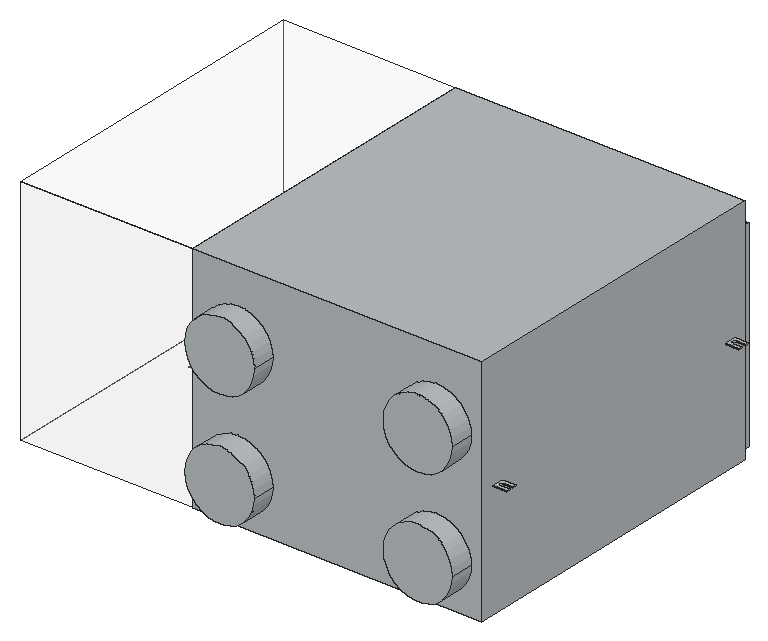
Revit family "lgh-n150_200rx3d_50Hz", category 機械設備, Revit 2019
Family settings
  丸型コネクタ寸法 = 直径を使用
  パーツ タイプ = 標準
  OmniClass 番号 = 23.75.10.34.21
  OmniClass タイトル = Heat Exchangers for Ventilation Air
  作業面ベース = いいえ
  常に垂直 = はい
  ロード時にボイドで切り取り = いいえ
  共有 = いいえ
  部屋計算ポイント = はい
Parameters (values of type "LGH-N150RX3D")
  騒音レベル(dB(A)) = 55
  風量 = 1500.0 m³/h
  面風速 = 8.5 m/s
  電源種別 [instance] = "一般"
  電圧 = 200 V
  電動機出力 = 0 W
  集中コントローラ = ""
  運転質量 = 0.00 kg
  連動 [instance] = ""
  質量 = if(製品質量 > 運転質量, 製品質量, 運転質量) * 1.2  # 144.00 kg
  負荷分類 = 10_ファンコイル類
  説明 = "業務用ロスナイ 天井埋込形"
  設計風量 = 0.0 m³/h
  設置方法 = "天井吊(隠ぺい)形"
  記号 [instance] = ""
  製造元 = "MITSIBISHI ELECTRIC"
  製品質量 = 120.00 kg
  製品出荷対象 = "国内"
  製品リリース年月 = "2019/6/1"
  製品グループ = ""
  系統 [instance] = ""
  符号 = "HEU"
  積算_科目 = "1 空気調和設備"
  積算_拾い区分 [instance] = ""
  相 = 1
  盤記号 [instance] = ""
  発停方法 [instance] = "別売リモコン"
  特殊仕様 [instance] = ""
  点検口高さ = -Height  # -808 mm
  点検口離隔 = 150 mm
  点検口_Depth = 450 mm
  点検口 = yes
  火災停止 [instance] = ""
  温度交換効率 = 74.00%
  消費電力 = 840 W
  法定耐用年数 = "15"
  機外静圧_排気 = 170.0 Pa
  機外静圧 = 170.0 Pa
  極数 = 3
  材質 [instance] = ""
  本体マテリアル = 溶融亜鉛めっき鋼板
  操作・制御方式 = ""
  操作・制御スイッチ = ""
  排気量 = 0.0 m³/h
  形式 = "天井埋込ダクト形"
  幹線記号 [instance] = ""
  対象室 [instance] = ""
  実風量 = 0.0 m³/h
  始動方式 [instance] = "直入"
  天吊金具_径 = 7.5 mm
  天吊金具_幅 = 30 mm
  外気量 = 設計風量  # 0.0 m³/h
  呼称 = "全熱交換ユニット"
  周波数 = 50 Hz
  天吊金具ピッチ2 = 1010 mm
  天吊金具ピッチ1 = 1045 mm
  天吊金具_高さ = 404 mm
  参照している仕様書等のバージョン = ""
  初期抵抗 = 0.0 Pa
  分類コード = "50052504100070"
  分類グループ = ""
  価格 = 900000
  企業コード = "108420"
  付属品_フィルター_還気 = ""
  付属品_フィルター = ""
  付属品 [instance] = ""
  仕様書バージョン = "Version1.0"
  モデル = "LGH-N150RX3D"
  メンテナンススペース = yes
  コメント [instance] = ""
  Keynote = ""
  エンタルピ交換効率_暖房 = 76.00%
  エンタルピ交換効率_冷房 = 66.00%
  Assembly Code = ""
  Width = 1004 mm
  Version = ""
  Uniclass2015Version = "Systems v1.9"
  Uniclass2015Title = "Thermal wheels"
  Uniclass2015Code = "Pr_60_60_36_88"
  URL = "https://www.mitsubishielectric.co.jp/ldg/wink/ssl/displayProduct.do?pid=300330"
  SpecificationReference = ""
  SpecificationDescription = ""
  SMAX風量 = 1500.0 m³/h
  SMAX静圧 = 170.0 Pa
  SAサイズ_D = 242 mm
  Revision = ""
  RAサイズ_D = 242 mm
  ProductInformation = ""
  OmniClassCode = "23-27 23 19 11"
  OAサイズ_W = 270 mm
  OAサイズ_D = 700 mm
  MIN風量 = 770.0 m³/h
  MIN静圧 = 41.0 Pa
  MID風量 = 1260.0 m³/h
  MID静圧 = 109.0 Pa
  MAX風量 = 1500.0 m³/h
  MAX静圧 = 155.0 Pa
  IfcTypeProduct = ""
  IfcProduct = ""
  IfcExportType = "ROTARYWHEEL"
  IfcExportAs = "IfcAirToAirHeatRecoveryType"
  Height = 808 mm
  EAサイズ_W = 270 mm
  EAサイズ_D = 700 mm
  Duct_Pitch = 690 mm
  Duct_Height = 242 mm
  Duct_Depth_SA_RA = 79 mm
  Duct_Depth_OA_EA = 44 mm
  Depth = 1144 mm
  Clearance Top = Height  # 808 mm
  Clearance Left = 600 mm
  Box_Width = 115 mm
  Box_Height = 262 mm
  Box_H = 125 mm
  Box_Depth = 172 mm
  Box_D = 144 mm
  Author = "MITSUBISHI ELECTRIC"
Types (2, lengths in mm): name | 騒音レベル(dB(A)) | 風量 | 面風速 | 質量 | 製品質量 | 温度交換効率 | 消費電力 | 機外静圧_排気 | 機外静圧 | 天吊金具ピッチ1 | 価格 | モデル | エンタルピ交換効率_暖房 | エンタルピ交換効率_冷房 | Width | URL | SMAX風量 | SMAX静圧 | MIN風量 | MIN静圧 | MID風量 | MID静圧 | MAX風量 | MAX静圧 | Duct_Pitch
  LGH-N150RX3D | 55 | 1500.0 m³/h | 8.5 m/s | 144.00 kg | 120.00 kg | 74.00% | 840 W | 170.0 Pa | 170.0 Pa | 1045 | 900000 | "LGH-N150RX3D" | 76.00% | 66.00% | 1004 | "https://www.mitsubishielectric.co.jp/ldg/wink/ssl/displayProduct.do?pid=300330" | 1500.0 m³/h | 170.0 Pa | 770.0 m³/h | 41.0 Pa | 1260.0 m³/h | 109.0 Pa | 1500.0 m³/h | 155.0 Pa | 690
  LGH-N200RX3D | 56 | 2000.0 m³/h | 11.3 m/s | 158.40 kg | 132.00 kg | 73.00% | 1060 W | 155.0 Pa | 155.0 Pa | 1272 | 1025000 | "LGH-N200RX3D" | 75.00% | 65.00% | 1231 | "https://www.mitsubishielectric.co.jp/ldg/wink/ssl/displayProduct.do?pid=300335" | 2000.0 m³/h | 155.0 Pa | 840.0 m³/h | 23.0 Pa | 1400.0 m³/h | 64.0 Pa | 2000.0 m³/h | 130.0 Pa | 917
Reference planes
  plane 1 "中心(正面/背面)": y = 0
  plane 2: z = 0
  plane 3 "中心(左/右)": x = 0
  plane 4: x = -502
  plane 5: x = 502
  plane 6: y = 572
  plane 7: y = -572
  plane 8: z = -808
  plane 9: z = -242
  plane 10: x = -345
  plane 11: x = 345
  plane 12: y = -651
  plane 13: y = 616
  plane 14: x = -581
  plane 15: x = 581
  plane 16: x = -1102
  plane 17: y = -428
  plane 18: y = -256
  plane 19: z = -125
  plane 20: z = -387
  plane 21: x = -617
  plane 22: x = -652
  plane 23: y = 225
  plane 24: x = -522.5
  plane 25: x = 522.5
  plane 26: y = 505
  plane 27: y = -505
  plane 28: y = -225
  plane 29: x = -552.5
  plane 30: y = 525
  plane 31: y = 485
  plane 32: y = -485
  plane 33: y = -525
  plane 34: z = -5
  plane 35: z = -404
  plane 36: z = -407
  plane 37: x = 552.5
  plane 38: z = -404
  plane 39: x = 480
  plane 40: x = 210
  plane 41: x = -480
  plane 42: x = -210
  plane 43: z = -94
  plane 44: z = -794
  plane 45: z = -94
  plane 46: z = -794
  plane 47: z = -646
  plane 48: z = -529
  plane 49: z = -791
  plane 50: z = -444
Forms (mm)
  Extrusion 1, solid, material "溶融亜鉛めっき鋼板" <- "本体マテリアル", detail levels fine
    sketch origin (0, 0, 0) x (1, 0, 0) y (0, 1, 0)
      loop
        line (-502, 572) -> (-502, -572) -> (502, -572) -> (502, 572) -> (-502, 572)
    from 0 to -808
  Extrusion 2, solid, material "溶融亜鉛めっき鋼板" <- "本体マテリアル", detail levels fine
    sketch origin (502, -572, 0) x (-1, 0, 0) y (0, 0, -1)
      loop
        circle (847, 242) r 121
    from 0 to 79
  Extrusion 3, solid, material "溶融亜鉛めっき鋼板" <- "本体マテリアル", detail levels fine
    sketch origin (510, -445, 0) x (-1, 0, 0) y (0, 0, -1)
      loop
        circle (165, 242) r 121
    from 127 to 206
  Extrusion 4, solid, material "溶融亜鉛めっき鋼板" <- "本体マテリアル", detail levels fine
    sketch origin (-502, -572, 0) x (0, 1, 0) y (0, 0, -1)
      loop
        line (316, 125) -> (316, 387) -> (144, 387) -> (144, 125) -> (316, 125)
      loop
        line (316, 529) -> (316, 791) -> (144, 791) -> (144, 529) -> (316, 529)
    from 0 to 115
  Extrusion 5, solid, material "溶融亜鉛めっき鋼板" <- "本体マテリアル", detail levels fine
    sketch origin (0, 0, 0) x (1, 0, 0) y (0, 1, 0)
      loop
        line (-552.5, 525) -> (-552.5, 512.5) -> (-522.5, 512.5)
        arc (-522.5, 512.5) -> (-515, 505) -> (-522.5, 497.5) r 7.5
        line (-522.5, 497.5) -> (-552.5, 497.5) -> (-552.5, 485) -> (-502, 485) -> (-502, 525) -> (-552.5, 525)
    from -404 to -407
  Extrusion 6, solid, material "溶融亜鉛めっき鋼板" <- "本体マテリアル", detail levels fine
    sketch origin (0, 0, 0) x (1, 0, 0) y (0, 1, 0)
      loop
        line (-552.5, -525) -> (-502, -525) -> (-502, -485) -> (-552.5, -485) -> (-552.5, -497.5) -> (-522.5, -497.5)
        arc (-522.5, -497.5) -> (-515, -505) -> (-522.5, -512.5) r 7.5
        line (-522.5, -512.5) -> (-552.5, -512.5) -> (-552.5, -525)
    from -404 to -407
  Extrusion 7, solid, material "溶融亜鉛めっき鋼板" <- "本体マテリアル", detail levels fine
    sketch origin (0, 0, 0) x (-1, 0, 0) y (0, -1, 0)
      loop
        line (-552.5, 525) -> (-552.5, 512.5) -> (-522.5, 512.5)
        arc (-522.5, 512.5) -> (-515, 505) -> (-522.5, 497.5) r 7.5
        line (-522.5, 497.5) -> (-552.5, 497.5) -> (-552.5, 485) -> (-502, 485) -> (-502, 525) -> (-552.5, 525)
    from -404 to -407
  Extrusion 8, solid, material "溶融亜鉛めっき鋼板" <- "本体マテリアル", detail levels fine
    sketch origin (0, 0, 0) x (-1, 0, 0) y (0, -1, 0)
      loop
        line (-552.5, -525) -> (-502, -525) -> (-502, -485) -> (-552.5, -485) -> (-552.5, -497.5) -> (-522.5, -497.5)
        arc (-522.5, -497.5) -> (-515, -505) -> (-522.5, -512.5) r 7.5
        line (-522.5, -512.5) -> (-552.5, -512.5) -> (-552.5, -525)
    from -404 to -407
  Extrusion 9, solid, material "溶融亜鉛めっき鋼板" <- "本体マテリアル", detail levels fine
    sketch origin (0, 0, 0) x (1, 0, 0) y (0, 0, 1)
      loop
        circle (-345, -646) r 121
    from 572 to 651
  Extrusion 10, solid, material "溶融亜鉛めっき鋼板" <- "本体マテリアル", detail levels fine
    sketch origin (0, 0, 0) x (1, 0, 0) y (0, 0, 1)
      loop
        circle (345, -646) r 121
    from 572 to 651
  Extrusion 11, solid, material "溶融亜鉛めっき鋼板" <- "本体マテリアル", detail levels fine
    sketch origin (0, 0, 0) x (1, 0, 0) y (0, 0, 1)
      loop
        line (480, -794) -> (480, -94) -> (210, -94) -> (210, -794) -> (480, -794)
    from -616 to -572
  Extrusion 12, solid, material "溶融亜鉛めっき鋼板" <- "本体マテリアル", detail levels fine
    sketch origin (0, 0, 0) x (1, 0, 0) y (0, 0, 1)
      loop
        line (-480, -794) -> (-210, -794) -> (-210, -94) -> (-480, -94) -> (-480, -794)
    from -616 to -572
Lines and regions (mm)
  Masking region 1, detail levels coarse+medium
    outline origin (1326.5, 29, 0) x (1, 0, 0) y (0, 1, 0)
      loop
        line (-1828.5, 543) -> (-1828.5, -601) -> (-824.5, -601) -> (-824.5, 543) -> (-1828.5, 543)
  symbolic lines, detail levels coarse+medium
    curve 1: line (0, 572, 0) -> (-502, 0, 0)
    curve 2: line (-502, 0, 0) -> (0, -572, 0)
    curve 3: line (0, -572, 0) -> (502, 0, 0)
    curve 4: line (502, 0, 0) -> (0, 572, 0)
Dimensions and locks
  equal spacing: plane 4, plane 3 "中心(左/右)", plane 5
  "Width": plane 4 to plane 5
  equal spacing: plane 6, plane 1 "中心(正面/背面)", plane 7
  "Depth": plane 6 to plane 7
  "Height": level to plane 8
  "Duct_Height": level to plane 9
  equal spacing: plane 11, plane 3 "中心(左/右)", plane 10
  "Duct_Pitch": plane 11 to plane 10
  "Duct_Depth_OA_EA": plane 13 to plane 6
  "Duct_Depth_SA_RA": plane 7 to plane 12
  "Duct_Depth_SA_RA": plane 5 to plane 15
  "Duct_Depth_SA_RA": plane 14 to plane 4
  "Clearance Left": plane 16 to plane 4
  "Clearance Top": nested 1 to plane 8
  "Box_H": level to plane 19
  "Box_Height": plane 19 to plane 20
  "Box_D": plane 17 to plane 7
  "Box_Depth": plane 18 to plane 17
  "Box_Width": plane 21 to plane 4
  "点検口離隔": plane 22 to plane 4
  equal spacing: plane 24, plane 3 "中心(左/右)", plane 25
  "天吊金具ピッチ1": plane 24 to plane 25
  equal spacing: plane 26, plane 1 "中心(正面/背面)", plane 27
  "天吊金具ピッチ2": plane 26 to plane 27
  equal spacing: plane 23, plane 1 "中心(正面/背面)", plane 28
  "点検口_Depth": plane 23 to plane 28
  equal spacing: plane 30, plane 26, plane 31
  locked: plane 30 to plane 31 at 40
  "天吊金具_幅": plane 29 to plane 24
  "天吊金具_高さ": level to plane 35
  locked: plane 35 to plane 36 at 3
  equal spacing: plane 32, plane 27, plane 33
  locked: plane 32 to plane 33 at 40
  "天吊金具_幅": plane 25 to plane 37
  equal spacing: plane 8, plane 38, level
  equal spacing: plane 40, plane 11, plane 39
  "EAサイズ_W": plane 40 to plane 39
  equal spacing: plane 42, plane 10, plane 41
  "OAサイズ_W": plane 42 to plane 41
  "EAサイズ_D": plane 44 to plane 43
  "OAサイズ_D": plane 46 to plane 45
  "Duct_Height": plane 38 to plane 47
  "Box_H": plane 38 to plane 48
  "Box_Height": plane 48 to plane 49
  locked: plane 50 to plane 38 at 40
  equal spacing: plane 44, plane 50, plane 43
  equal spacing: plane 46, plane 50, plane 45
  "RAサイズ_D": diameter of Extrusion 3 sketch curve
  "天吊金具_径": radius of Extrusion 5 sketch curve
  "天吊金具_径": radius of Extrusion 6 sketch curve
  "天吊金具_径": radius of Extrusion 7 sketch curve
  "天吊金具_径": radius of Extrusion 8 sketch curve
  "SAサイズ_D": diameter of Extrusion 9 sketch curve
  "RAサイズ_D": diameter of Extrusion 10 sketch curve
  "SAサイズ_D": diameter of Extrusion 2 sketch curve
  aligned and locked: level to plane 2
  aligned and locked: Extrusion 1 to plane 8
  aligned and locked: Extrusion 2 to plane 12
  aligned and locked: plane 7 to Extrusion 2
  aligned and locked: plane 7 to Extrusion 3
  aligned and locked: Extrusion 3 to plane 12
  aligned and locked: plane 16 to nested 1
  aligned and locked: plane 4 to nested 1
  aligned and locked: nested 1 to plane 6
  aligned and locked: nested 1 to plane 7
  aligned and locked: plane 2 to nested 1
  aligned and locked: plane 8 to nested 1
  aligned and locked: Extrusion 4 to plane 21
  aligned and locked: plane 4 to Extrusion 4
  aligned and locked: Masking region 1 to plane 4
  aligned and locked: plane 5 to Masking region 1
  aligned and locked: plane 6 to Masking region 1
  aligned and locked: Masking region 1 to plane 7
  aligned and locked: plane 25 to nested 2
  aligned and locked: plane 24 to nested 2
  aligned and locked: nested 2 to plane 27
  aligned and locked: plane 26 to nested 2
  aligned and locked: Extrusion 4 to plane 18
  aligned and locked: Extrusion 4 to plane 20
  aligned and locked: plane 19 to Extrusion 4
  aligned and locked: plane 17 to Extrusion 4
  aligned and locked: plane 22 to nested 3
  aligned and locked: plane 16 to nested 3
  aligned and locked: plane 23 to nested 3
  aligned and locked: nested 3 to plane 28
  aligned and locked: plane 29 to Extrusion 5 sketch curve  (x2)
  aligned and locked: Extrusion 5 sketch curve to plane 4
  aligned and locked: plane 31 to Extrusion 5 sketch curve
  aligned and locked: Extrusion 5 sketch curve to plane 30
  aligned and locked: Extrusion 5 to plane 35
  aligned and locked: Extrusion 5 to plane 36
  aligned and locked: Extrusion 6 sketch curve to plane 29  (x2)
  aligned and locked: plane 32 to Extrusion 6 sketch curve
  aligned and locked: Extrusion 6 sketch curve to plane 33
  aligned and locked: plane 4 to Extrusion 6 sketch curve
  aligned and locked: plane 35 to Extrusion 6
  aligned and locked: Extrusion 6 to plane 36
  aligned and locked: plane 37 to Extrusion 7 sketch curve  (x2)
  aligned and locked: Extrusion 7 sketch curve to plane 32
  aligned and locked: plane 33 to Extrusion 7 sketch curve
  aligned and locked: plane 5 to Extrusion 7 sketch curve
  aligned and locked: Extrusion 7 to plane 36
  aligned and locked: plane 35 to Extrusion 7
  aligned and locked: Extrusion 8 sketch curve to plane 37  (x2)
  aligned and locked: Extrusion 8 sketch curve to plane 31
  aligned and locked: plane 30 to Extrusion 8 sketch curve
  aligned and locked: Extrusion 8 sketch curve to plane 5
  aligned and locked: plane 35 to Extrusion 8
  aligned and locked: Extrusion 8 to plane 36
  aligned and locked: Extrusion 9 to plane 12
  aligned and locked: plane 7 to Extrusion 9
  aligned and locked: Extrusion 10 to plane 12
  aligned and locked: plane 7 to Extrusion 10
  aligned and locked: plane 44 to Extrusion 11 sketch curve
  aligned and locked: plane 39 to Extrusion 11 sketch curve
  aligned and locked: Extrusion 11 sketch curve to plane 43
  aligned and locked: Extrusion 11 sketch curve to plane 40
  aligned and locked: Extrusion 12 sketch curve to plane 46
  aligned and locked: Extrusion 12 sketch curve to plane 41
  aligned and locked: plane 45 to Extrusion 12 sketch curve
  aligned and locked: plane 42 to Extrusion 12 sketch curve
  aligned and locked: plane 13 to Extrusion 12
  aligned and locked: Extrusion 12 to plane 6
  aligned and locked: plane 13 to Extrusion 11
  aligned and locked: Extrusion 11 to plane 6
  aligned and locked: Extrusion 4 sketch curve to plane 48
  aligned and locked: plane 18 to Extrusion 4 sketch curve
  aligned and locked: plane 49 to Extrusion 4 sketch curve
  aligned and locked: Extrusion 4 sketch curve to plane 17
Automatic sketch dimensions
  plane 1 "中心(正面/背面)" to curve 1 = 0 mm
  curve 1 to plane 4 = 0 mm
  curve 2 to plane 3 "中心(左/右)" = 0 mm
  curve 4 to plane 3 "中心(左/右)" = 0 mm
  plane 1 "中心(正面/背面)" to curve 4 = 0 mm
  curve 4 to plane 5 = 0 mm
  curve 2 to plane 7 = 0 mm
  curve 4 to plane 6 = 0 mm
  Extrusion 1 sketch curve to plane 4 = 0 mm
  Extrusion 1 sketch curve to plane 5 = 0 mm
  Extrusion 1 sketch curve to plane 7 = 0 mm
  Extrusion 1 sketch curve to plane 6 = 0 mm
  Extrusion 3 sketch curve to plane 9 = 0 mm
  Extrusion 3 sketch curve to plane 11 = 0 mm
  Masking region 1 sketch curve to plane 4 = 0 mm
  Masking region 1 sketch curve to plane 5 = 0 mm
  Masking region 1 sketch curve to plane 7 = 0 mm
  Masking region 1 sketch curve to plane 6 = 0 mm
  Extrusion 9 sketch curve to plane 10 = 0 mm
  Extrusion 9 sketch curve to plane 47 = 0 mm
  Extrusion 10 sketch curve to plane 11 = 0 mm
  Extrusion 10 sketch curve to plane 47 = 0 mm
  Extrusion 5 sketch curve to plane 24 = 0 mm
  Extrusion 5 sketch curve to plane 26 = 0 mm
  Extrusion 6 sketch curve to plane 24 = 0 mm
  Extrusion 6 sketch curve to plane 27 = 0 mm
  Extrusion 7 sketch curve to plane 25 = 0 mm
  Extrusion 7 sketch curve to plane 27 = 0 mm
  Extrusion 8 sketch curve to plane 25 = 0 mm
  Extrusion 8 sketch curve to plane 26 = 0 mm
  Extrusion 1 to Extrusion 2 sketch curve = 157 mm
  Extrusion 1 to Extrusion 2 sketch curve = 242 mm
  Extrusion 4 sketch curve to Extrusion 1 = 144 mm
  Extrusion 4 sketch curve to Extrusion 4 sketch curve = 172 mm
  Extrusion 4 sketch curve to Extrusion 4 sketch curve = 142 mm
  Extrusion 1 to Extrusion 4 sketch curve = 125 mm
Nested families
  nested 1: "メンテナンススペース" at (-802, 0, -404), visible <- "メンテナンススペース", type "メンテナンススペース"
    with Width 600 mm, Height 808 mm, Depth 1144 mm
  nested 2: "固定点" at (-522.5, -505, 0), type "固定点"
    with W 1045 mm, D 1010 mm
  nested 3: "点検口設置範囲" at (-877, 0, -808), built-in parameter 1001364 <- "点検口高さ", visible <- "点検口", type "点検口設置範囲"
    with Width 450 mm, Depth 450 mm
Connectors
  hvac at (-345, -651, -242), driven by "SAサイズ_D", driven by "機外静圧", driven by "風量"
    settings: on Extrusion 2, index 1, duct flow 1500.0 m³/h, flow factor 0, pres drop 170.0 Pa, loss coef 0, conn angle 0.00°, conn width 304.8 mm, conn height 304.8 mm, conn diameter 242 mm, duct sys type 1, conn prof type 0, flow config 0, flow direction 2, loss method 4, conn ref index -1, conn util no, is conn primary yes, conn desc ""
  hvac at (345, -651, -242), driven by "RAサイズ_D", driven by "機外静圧", driven by "風量"
    settings: on Extrusion 3, index 2, duct flow 1500.0 m³/h, flow factor 0, pres drop 170.0 Pa, loss coef 0, conn angle 0.00°, conn width 304.8 mm, conn height 304.8 mm, conn diameter 242 mm, duct sys type 2, conn prof type 0, flow config 0, flow direction 1, loss method 4, conn ref index -1, conn util no, is conn primary no, conn desc ""
  electrical at (-559.5, -428, -256), driven by "負荷分類", driven by "極数", driven by "電圧", driven by "消費電力"
    settings: on Extrusion 4, index 7, voltage 200 V, apparent load 840 VA, apparent load phase1 0 VA, apparent load phase2 0 VA, apparent load phase3 0 VA, power factor 1, load classification "10_ファンコイル類", number of poles 3, system type 30, power factor state 1, is connector primary yes, connector utility no, sub classification motor no, connector description ""
  hvac at (-345, -651, -646), driven by "SAサイズ_D", driven by "機外静圧", driven by "風量"
    settings: on Extrusion 9, index 8, duct flow 1500.0 m³/h, flow factor 0, pres drop 170.0 Pa, loss coef 0, conn angle 0.00°, conn width 304.8 mm, conn height 304.8 mm, conn diameter 242 mm, duct sys type 1, conn prof type 0, flow config 0, flow direction 2, loss method 4, conn ref index -1, conn util no, is conn primary no, conn desc ""
  hvac at (345, -651, -646), driven by "RAサイズ_D", driven by "機外静圧", driven by "風量"
    settings: on Extrusion 10, index 9, duct flow 1500.0 m³/h, flow factor 0, pres drop 170.0 Pa, loss coef 0, conn angle 0.00°, conn width 304.8 mm, conn height 304.8 mm, conn diameter 242 mm, duct sys type 2, conn prof type 0, flow config 0, flow direction 1, loss method 4, conn ref index -1, conn util no, is conn primary no, conn desc ""
  hvac at (345, 616, -444), driven by "EAサイズ_D", driven by "EAサイズ_W", driven by "機外静圧_排気", driven by "排気量"
    settings: on Extrusion 11, index 10, duct flow 0.0 m³/h, flow factor 0, pres drop 170.0 Pa, loss coef 0, conn angle 0.00°, conn width 270 mm, conn height 700 mm, conn diameter 609.6 mm, duct sys type 3, conn prof type 1, flow config 0, flow direction 2, loss method 4, conn ref index -1, conn util no, is conn primary no, conn desc ""
  hvac at (-345, 616, -444), driven by "OAサイズ_W", driven by "OAサイズ_D", driven by "機外静圧", driven by "風量"
    settings: on Extrusion 12, index 11, duct flow 1500.0 m³/h, flow factor 0, pres drop 170.0 Pa, loss coef 0, conn angle 0.00°, conn width 270 mm, conn height 700 mm, conn diameter 609.6 mm, duct sys type 4, conn prof type 1, flow config 0, flow direction 1, loss method 4, conn ref index -1, conn util no, is conn primary no, conn desc ""
Definition of nested family "メンテナンススペース"
  Parameters (values of type "メンテナンススペース")
    Width [instance] = 500 mm
    Height [instance] = 500 mm
    Depth [instance] = 500 mm
  Reference planes
    plane 1 "中心(正面/背面)": y = 0
    plane 2: z = 0
    plane 3 "中心(左/右)": x = 0
    plane 4: y = -250
    plane 5: x = 250
    plane 6: y = 250
    plane 7: x = -250
    plane 8: z = 250
    plane 9: z = -250
  Forms (mm)
    Extrusion 1, solid
      sketch origin (-638.939, 0, 72.39) x (1, 0, 0) y (0, 1, 0)
        loop
          line (388.939, 250) -> (388.939, -250) -> (888.939, -250) -> (888.939, 250) -> (388.939, 250)
      from -322.39 to 177.61
  Lines and regions (mm)
    symbolic lines
      curve 1: line (-250, 0, 250) -> (250, 0, 250)
      curve 2: line (-250, 0, -250) -> (-250, 0, 250)
      curve 3: line (250, 0, -250) -> (-250, 0, -250)
      curve 4: line (250, 0, 250) -> (250, 0, -250)
      curve 5: line (0, -250, 250) -> (0, 250, 250)
      curve 6: line (0, -250, -250) -> (0, -250, 250)
      curve 7: line (0, 250, -250) -> (0, -250, -250)
      curve 8: line (0, 250, 250) -> (0, 250, -250)
      curve 9: line (-250, 250, 0) -> (250, 250, 0)
      curve 10: line (-250, -250, 0) -> (-250, 250, 0)
      curve 11: line (250, -250, 0) -> (-250, -250, 0)
      curve 12: line (250, 250, 0) -> (250, -250, 0)
  Dimensions and locks
    equal spacing: plane 7, plane 3 "中心(左/右)", plane 5
    equal spacing: plane 4, plane 1 "中心(正面/背面)", plane 6
    "Depth": plane 4 to plane 6
    "Width": plane 7 to plane 5
    equal spacing: plane 8, plane 2, plane 9
    "Height": plane 8 to plane 9
    aligned and locked: plane 9 to curve 3
    aligned and locked: plane 7 to curve 2
    aligned and locked: curve 4 to plane 5
    aligned and locked: plane 5 to Extrusion 1
    aligned and locked: Extrusion 1 to plane 7
    aligned and locked: Extrusion 1 to plane 9
    aligned and locked: plane 8 to Extrusion 1
    aligned and locked: plane 9 to curve 7
  Automatic sketch dimensions
    plane 4 to Extrusion 1 sketch curve = 0 mm
    Extrusion 1 sketch curve to plane 7 = 0 mm
    Extrusion 1 sketch curve to plane 5 = 0 mm
    plane 6 to Extrusion 1 sketch curve = 0 mm
    curve 2 to plane 8 = 0 mm
    plane 4 to curve 11 = 0 mm
    curve 11 to plane 7 = 0 mm
    curve 11 to plane 5 = 0 mm
    plane 6 to curve 10 = 0 mm
    curve 7 to plane 4 = 0 mm
    curve 7 to plane 6 = 0 mm
    curve 6 to plane 8 = 0 mm
Definition of nested family "固定点"
  Parameters (values of type "固定点")
    中心円 = 20 mm
    W [instance] = 1000 mm
    D [instance] = 1000 mm
  Reference planes
    plane 1 "中心(正面/背面)": y = 0
    plane 2: z = 0
    plane 3 "中心(左/右)": x = 0
    plane 4: x = 1000
    plane 5: y = 1000
  Lines and regions (mm)
    symbolic lines, detail levels fine
      curve 1: circle (0, 1000, 0) r 10 normal (0, 0, 1)
      curve 2: circle (0, 0, 0) r 10 normal (0, 0, 1)
      curve 3: circle (1000, 1000, 0) r 10 normal (0, 0, 1)
      curve 4: circle (1000, 0, 0) r 10 normal (0, 0, 1)
      curve 5: line (-200, 1000, 0) -> (1200, 1000, 0)
      curve 6: line (-200, 0, 0) -> (1200, 0, 0)
      curve 7: line (0, 1200, 0) -> (0, -200, 0)
      curve 8: line (1000, 1200, 0) -> (1000, -200, 0)
  Dimensions and locks
    "W": plane 3 "中心(左/右)" to plane 4
    "D": plane 1 "中心(正面/背面)" to plane 5
    "中心円": diameter of curve 1
    "中心円": diameter of curve 2
    "中心円": diameter of curve 3
    "中心円": diameter of curve 4
    aligned and locked: level to plane 2
    aligned and locked: plane 5 to curve 1
    aligned and locked: plane 3 "中心(左/右)" to curve 1
    aligned and locked: plane 3 "中心(左/右)" to curve 2
    aligned and locked: plane 1 "中心(正面/背面)" to curve 2
    aligned and locked: plane 4 to curve 3
    aligned and locked: plane 5 to curve 3
    aligned and locked: plane 1 "中心(正面/背面)" to curve 4
    aligned and locked: plane 4 to curve 4
    aligned and locked: plane 1 "中心(正面/背面)" to curve 6
    aligned and locked: curve 7 to plane 3 "中心(左/右)"
    aligned and locked: curve 8 to plane 4
  Automatic sketch dimensions
    curve 5 to plane 5 = 0 mm
    curve 6 to plane 3 "中心(左/右)" = 200 mm
    curve 5 to plane 3 "中心(左/右)" = 200 mm
    curve 4 to curve 6 = 200 mm
    curve 3 to curve 5 = 200 mm
    plane 1 "中心(正面/背面)" to curve 8 = 200 mm
    plane 1 "中心(正面/背面)" to curve 7 = 200 mm
    curve 3 to curve 8 = 200 mm
    curve 1 to curve 7 = 200 mm
Definition of nested family "点検口設置範囲"
  Parameters (values of type "点検口設置範囲")
    Width [instance] = 1000 mm
    Depth [instance] = 700 mm
  Reference planes
    plane 1 "中心(正面/背面)": y = 0
    plane 2: z = 0
    plane 3 "中心(左/右)": x = 0
    plane 4: x = -500
    plane 5: x = 500
    plane 6: y = -350
    plane 7: y = 350
  Lines and regions (mm)
    model lines
      curve 1: line (-500, 350, 0) -> (500, 350, 0)
      curve 2: line (-500, -350, 0) -> (-500, 350, 0)
      curve 3: line (500, -350, 0) -> (-500, -350, 0)
      curve 4: line (500, 350, 0) -> (500, -350, 0)
  Dimensions and locks
    "Depth": plane 7 to plane 6
    "Width": plane 4 to plane 5
    equal spacing: plane 7, plane 1 "中心(正面/背面)", plane 6
    equal spacing: plane 4, plane 3 "中心(左/右)", plane 5
    aligned and locked: level to plane 2
    aligned and locked: plane 4 to curve 2
    aligned and locked: curve 1 to plane 7
    aligned and locked: curve 4 to plane 5
    aligned and locked: plane 6 to curve 3
